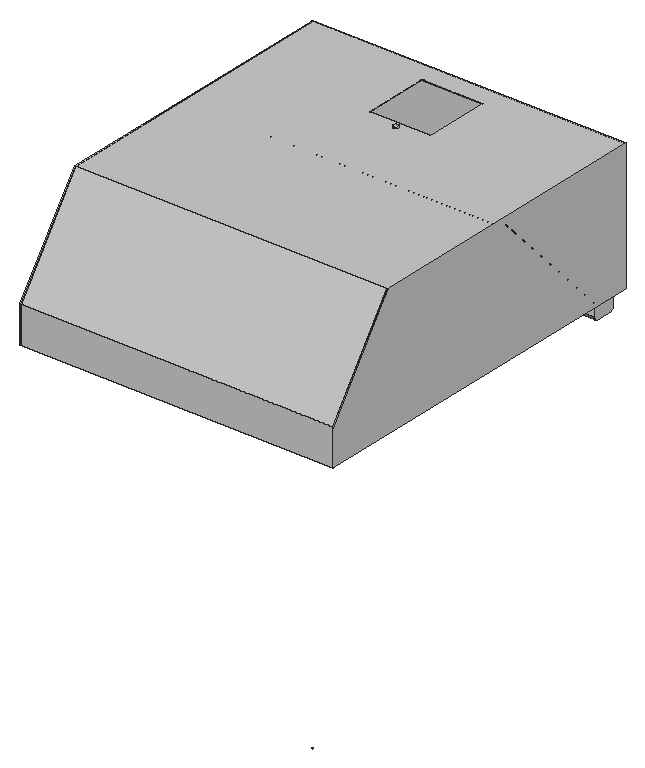
Revit family "QF_ELECTROLUXPROFESSIONAL_644241_ABPV1412DT", category Attrezzature speciali, Revit 2021
Family settings
  Quota connettore circolare = Usa diametro
  Tipo di parte = Normale
  Basato su piano di lavoro = No
  Sempre verticale = Sì
  Taglio con vuoti quando caricato = No
  Condiviso = No
  Punto di calcolo locali = No
Parameters (values of type "Standard")
  Weight = 48.00 kg
  Watts = 300 W
  Volts = 220 V
  URL Manufacturer = "https://www.electroluxprofessional.com/"
  URL = "https://www.electroluxprofessional.com/"
  Steam Supply Size = 0 mm
  Steam Supply Minimum Pressure = 0.0 Pa
  Steam Supply Maximum Pressure = 0.0 Pa
  Steam Consumption per Hour = 0
  Refrigeration Suction Line Size = 0 mm
  Refrigeration Liquid Line Size = 0 mm
  Refrigerant Compressor Remote = yes
  Prospetto di default = 0 mm
  Produttore = "Electrolux Professional"
  Phase = 1
  Modello = "ABPV1412DT"
  Length Actual = 1200 mm  # constant formula
  Item Number = "644241"
  Hot Water Size = 0 mm
  Height Actual = 500 mm  # constant formula
  HP = "0.4 HP"
  Gas Size = 0 mm
  Gas KW = 0
  Gas Input Pressure = 0 W
  Direct Waste Size = 0 mm
  Descrizione = "304 S/S WALL HOOD+FILTER+FAN 1200X1400MM"
  Depth Actual = 1400 mm  # constant formula
  Cycle = 50 Hz
  Condensate Return Size = 0 mm
  Compressed Air Volume = 0.0 L/s
  Compressed Air Size = 0 mm
  Compressed Air Pressure = 0.0 Pa
  Cold Water Size = 0 mm
  Accessory = yes
Reference planes
  plane 1: z = 0
  plane 2 "Center (Left/Right)": x = 150
  plane 3 "LEFT": x = -450
  plane 4 "RIGHT": x = 750
  plane 5 "BACK": y = 550
  plane 6 "TOP": z = 2500
  plane 7 "Base": z = 2000
  plane 8: z = 1926
  plane 9 "DrainY": y = 485
  plane 10: x = -447
  plane 11: through (0, 414.509, 2000.8) normal (0, 0.7314, 0.682)
  plane 12: y = 470
  plane 13: y = 220
  plane 14 "DrainX": x = 630
  plane 15: x = 33.5
  plane 16: x = 266.5
  plane 17: x = 747
  plane 18: x = 540
  plane 19: x = 720
  plane 20: x = -410
  plane 21: x = 710
  plane 22: x = -47.5
  plane 23: x = 347.5
  plane 24: z = 2140.01
  plane 25: y = 200
  plane 26 "Center (Front/Back)": y = -150
  plane 27 "Front": y = -850
  plane 28: y = -590
Forms (mm)
  Extrusion 1, solid, material "QF_Finishes_Stainless Steel"
    sketch origin (-450, 0, 360) x (0, 1, 0) y (0, 0, 1)
      loop
        line (550, 1640) -> (550, 2140) -> (-590, 2140) -> (-850, 1780.01) -> (-850, 1640) -> (550, 1640)
    from 0 to 3
  Extrusion 2, solid, material "QF_Finishes_Stainless Steel"
    sketch origin (150, 0, 360) x (0, 1, 0) y (0, 0, 1)
      loop
        line (415.255, 1640) -> (550, 1640) -> (550, 2139.19) -> (549.2, 2139.19) -> (549.2, 1640.8) -> (415.876, 1640.8) -> (339.347, 1722.867) -> (349.609, 1732.436) -> (348.927, 1733.167) -> (337.934, 1722.917) -> (415.255, 1640)
      loop
        line (-82.203, 2139.19) -> (-82.203, 2118.6) -> (-31.047, 2118.6) -> (34.354, 2048.466) -> (46.028, 2059.352) -> (45.346, 2060.083) -> (34.403, 2049.879) -> (-30.612, 2119.6) -> (-81.203, 2119.6) -> (-81.203, 2139.19) -> (-82.203, 2139.19)
    from -597 to 597
  Extrusion 3, solid, material "QF_Finishes_Stainless Steel"
    sketch origin (750, 0, 360) x (0, 1, 0) y (0, 0, 1)
      loop
        line (550, 1640) -> (550, 2140) -> (-590, 2140) -> (-850, 1780.01) -> (-850, 1640) -> (550, 1640)
    from 0 to -3
  Extrusion 4, solid, material "QF_Finishes_Stainless Steel"
    sketch origin (150, 0, 360) x (0, 1, 0) y (0, 0, 1)
      loop
        line (-850, 1780.01) -> (-850, 1640) -> (-849.2, 1640) -> (-849.2, 1779.751) -> (-589.598, 2139.19) -> (550, 2139.19) -> (550, 2140) -> (-590, 2140) -> (-850, 1780.01)
    from -600 to 600
  Extrusion 5, solid, material "QF_Finishes_Stainless Steel"
    sketch origin (150, 0, 360) x (0, 1, 0) y (0, 0, 1)
      loop
        line (534, 1640) -> (436, 1640) -> (436, 1627) -> (443.5, 1627) -> (443.5, 1576)
        arc (443.5, 1576) -> (446.429, 1568.929) -> (453.5, 1566) r 10
        line (453.5, 1566) -> (516.5, 1566)
        arc (516.5, 1566) -> (523.571, 1568.929) -> (526.5, 1576) r 10
        line (526.5, 1576) -> (526.5, 1627) -> (534, 1627) -> (534, 1640)
    from 390 to 570
  Extrusion 6, solid, material "QF_Finishes_Stainless Steel"
    sketch origin (0, 0, 2000) x (0, 1, 0) y (-1, 0, 0)
      loop
        circle (485, -630) r 20
    from -76 to -74
  Extrusion 7, solid, material "QF_Finished_Chrome"
    sketch origin (150, 0, 360) x (0, 1, 0) y (0, 0, 1)
      loop
        line (337.934, 1722.917) -> (341.591, 1726.327) -> (38.011, 2051.876) -> (34.354, 2048.466) -> (337.934, 1722.917)
    from -197.5 to -560
  Extrusion 8, solid, material "QF_Finishes_Stainless Steel"
    sketch origin (150, 0, 360) x (0, 1, 0) y (0, 0, 1)
      loop
        line (337.934, 1722.917) -> (341.591, 1726.327) -> (38.011, 2051.876) -> (34.354, 2048.466) -> (337.934, 1722.917)
    from 597 to 560
  Extrusion 9, solid, material "QF_Finished_Chrome"
    sketch origin (150, 0, 360) x (0, 1, 0) y (0, 0, 1)
      loop
        line (341.588, 1726.324) -> (38.009, 2051.874) -> (34.354, 2048.466) -> (337.934, 1722.917) -> (341.588, 1726.324)
    from 197.5 to 560
  Extrusion 10, void
    sketch origin (0, 0, 2500) x (0, 1, 0) y (-1, 0, 0)
      loop
        line (470, -266.5) -> (470, -33.5) -> (220, -33.5) -> (220, -266.5) -> (470, -266.5)
    from 0 to -10
  Extrusion 11, solid, material "QF_Finishes_Stainless Steel"
    sketch origin (0, 0, 0) x (1, 0, 0) y (0, 1, 0)
      loop
        line (-450, 550) -> (-450, 549) -> (-449, 549) -> (-449, 550) -> (-450, 550)
    from 0 to 1
  Extrusion 12, solid, material "QF_Finishes_Stainless Steel"
    sketch origin (150, 0, 360) x (0, 1, 0) y (0, 0, 1)
      loop
        line (337.934, 1722.917) -> (341.591, 1726.327) -> (38.011, 2051.876) -> (34.354, 2048.466) -> (337.934, 1722.917)
    from -560 to -597
  Extrusion 13, solid, material "QF_Finishes_Stainless Steel"
    sketch origin (150, 0, 360) x (0, 1, 0) y (0, 0, 1)
      loop
        line (337.934, 1722.917) -> (341.591, 1726.327) -> (38.011, 2051.876) -> (34.354, 2048.466) -> (337.934, 1722.917)
    from 197.5 to -197.5
  Extrusion 14, solid, material "QF_Finishes_Stainless Steel"
    sketch origin (0, 0, 2500) x (0, 1, 0) y (-1, 0, 0)
      loop
        circle (200, -150) r 10
    from 0 to 1.6
Cuts and joins
  Extrusion 10 cuts Extrusion 4
  joined: Extrusion 2, Extrusion 4
Lines and regions (mm)
  reference lines
    curve 1: line (150, 34.354, 2408.466) -> (150, 34.354, 2248.466)
  symbolic lines, style "SpecialityEquipment", detail levels coarse
    curve 2: line (750, 550, 2500) -> (-450, 550, 2500)
    curve 3: line (-450, 550, 2500) -> (-450, -850, 2500)
    curve 4: line (750, -850, 2500) -> (750, 550, 2500)
    curve 5: line (-450, -850, 2500) -> (750, -850, 2500)
    curve 6: line (266.5, 220, 2500) -> (33.5, 220, 2500)
    curve 7: line (266.5, 470, 2500) -> (266.5, 220, 2500)
    curve 8: line (33.5, 470, 2500) -> (266.5, 470, 2500)
    curve 9: line (33.5, 220, 2500) -> (33.5, 470, 2500)
    curve 10: line (-450.423, -590, 0) -> (750, -590, 0)
    curve 11: line (-450, 550, 0) -> (750, -590, 0)
    curve 12: line (-450.423, -590, 0) -> (750, 550, 0)
Dimensions and locks
  plane 3 "LEFT" to plane 4 "RIGHT" = 1200 mm
  equal spacing: plane 3 "LEFT", plane 2 "Center (Left/Right)", plane 4 "RIGHT"
  locked: plane 6 "TOP" to plane 7 "Base" at 500
  plane 7 "Base" to plane 8 = 74 mm
  plane 5 "BACK" to plane 9 "DrainY" = 65 mm  (x2)
  plane 3 "LEFT" to plane 10 = 3 mm
  plane 5 "BACK" to plane 12 = 80 mm
  plane 12 to plane 13 = 250 mm  (x2)
  plane 14 "DrainX" to plane 4 "RIGHT" = 120 mm
  plane 17 to plane 4 "RIGHT" = 3 mm
  locked: plane 18 to plane 14 "DrainX" at 90
  locked: plane 14 "DrainX" to plane 19 at 90
  plane 12 to plane 5 "BACK" = 80 mm
  locked: plane 3 "LEFT" to plane 20 at 40
  locked: plane 21 to plane 4 "RIGHT" at 40
  locked: plane 22 to plane 23 at 395
  equal spacing: plane 22, plane 2 "Center (Left/Right)", plane 23
  locked: plane 15 to plane 16 at 233
  equal spacing: plane 15, plane 2 "Center (Left/Right)", plane 16
  plane 7 "Base" to level = 2000 mm
  plane 24 to plane 7 "Base" = 140.01 mm
  plane 13 to plane 25 = 20 mm
  plane 5 "BACK" to plane 27 "Front" = 1400 mm  (x2)
  equal spacing: plane 5 "BACK", plane 26 "Center (Front/Back)", plane 27 "Front"
  plane 28 to plane 27 "Front" = 260 mm
  aligned and locked: level to plane 1
  aligned and locked: Extrusion 2 to Extrusion 1
  aligned and locked: Extrusion 2 to Extrusion 3
  aligned and locked: plane 4 "RIGHT" to Extrusion 4
  aligned and locked: Extrusion 4 to plane 3 "LEFT"
  aligned and locked: plane 17 to Extrusion 8
  aligned and locked: Extrusion 10 to plane 15
  aligned and locked: Extrusion 10 to plane 13
  aligned and locked: Extrusion 10 to plane 12
  aligned and locked: Extrusion 2 to Extrusion 4
  aligned and locked: plane 19 to Extrusion 5
  aligned and locked: Extrusion 5 to plane 18
  aligned and locked: Extrusion 8 to plane 21
  aligned and locked: Extrusion 9 to plane 21
  aligned and locked: Extrusion 7 to plane 20
  aligned and locked: Extrusion 12 to plane 10
  aligned and locked: plane 20 to Extrusion 12
  aligned and locked: Extrusion 3 to plane 17
  aligned and locked: Extrusion 10 to plane 16
  aligned and locked: plane 16 to curve 7
  aligned and locked: plane 23 to Extrusion 13
  aligned and locked: Extrusion 13 to plane 22
  aligned and locked: Extrusion 9 to plane 23
Automatic sketch dimensions
  curve 5 to plane 4 "RIGHT" = 0 mm
  curve 6 to plane 13 = 0 mm
  plane 12 to curve 8 = 0 mm
  curve 3 to plane 3 "LEFT" = 0 mm
  curve 3 to plane 5 "BACK" = 0 mm
  curve 6 to plane 15 = 0 mm
  Extrusion 2 sketch curve to plane 11 = 0 mm  (x3)
  Extrusion 2 sketch curve to plane 7 "Base" = 0 mm
  plane 11 to Extrusion 2 sketch curve = 0 mm
  Extrusion 2 sketch curve to plane 5 "BACK" = 0 mm
  Extrusion 2 sketch curve to Extrusion 2 sketch curve = 65.646 mm
  Extrusion 2 sketch curve to Extrusion 2 sketch curve = 0.682 mm  (x2)
  Extrusion 2 sketch curve to Extrusion 2 sketch curve = 10.261 mm
  plane 7 "Base" to Extrusion 2 sketch curve = 82.917 mm
  Extrusion 2 sketch curve to Extrusion 2 sketch curve = 10.942 mm
  Extrusion 2 sketch curve to Extrusion 2 sketch curve = 0.049 mm
  Extrusion 2 sketch curve to plane 6 "TOP" = 20.4 mm
  Extrusion 2 sketch curve to plane 6 "TOP" = 21.4 mm
  Extrusion 2 sketch curve to plane 6 "TOP" = 0.81 mm  (x2)
  Extrusion 2 sketch curve to Extrusion 2 sketch curve = 50.156 mm
  Extrusion 2 sketch curve to Extrusion 2 sketch curve = 1 mm
  plane 7 "Base" to Extrusion 2 sketch curve = 0.8 mm
  Extrusion 2 sketch curve to plane 5 "BACK" = 0.8 mm
  curve 1 to plane 11 = 0 mm
  Extrusion 5 sketch curve to plane 7 "Base" = 0 mm
  Extrusion 5 sketch curve to plane 8 = 0 mm
  Extrusion 5 sketch curve to plane 7 "Base" = 13 mm  (x2)
  plane 12 to Extrusion 5 sketch curve = 34 mm
  Extrusion 5 sketch curve to Extrusion 5 sketch curve = 7.5 mm  (x2)
  Extrusion 5 sketch curve to Extrusion 5 sketch curve = 10 mm
  plane 9 "DrainY" to Extrusion 5 sketch curve = 31.5 mm
  Extrusion 5 sketch curve to plane 5 "BACK" = 23.5 mm
  Extrusion 6 sketch curve to plane 9 "DrainY" = 0 mm
  Extrusion 6 sketch curve to plane 14 "DrainX" = 0 mm
  Extrusion 7 sketch curve to plane 11 = 0 mm  (x2)
  Extrusion 7 sketch curve to Extrusion 7 sketch curve = 3.657 mm
  plane 7 "Base" to Extrusion 7 sketch curve = 82.917 mm
  Extrusion 8 sketch curve to plane 11 = 0 mm  (x2)
  Extrusion 8 sketch curve to Extrusion 8 sketch curve = 3.657 mm
  plane 7 "Base" to Extrusion 8 sketch curve = 82.917 mm
  Extrusion 9 sketch curve to plane 11 = 0 mm  (x2)
  Extrusion 9 sketch curve to Extrusion 9 sketch curve = 3.655 mm
  plane 7 "Base" to Extrusion 9 sketch curve = 82.917 mm
  Extrusion 10 sketch curve to plane 13 = 0 mm
  plane 12 to Extrusion 10 sketch curve = 0 mm
  Extrusion 10 sketch curve to plane 16 = 0 mm
  Extrusion 10 sketch curve to plane 15 = 0 mm
  Extrusion 11 sketch curve to plane 3 "LEFT" = 0 mm
  Extrusion 11 sketch curve to plane 5 "BACK" = 0 mm
  plane 3 "LEFT" to Extrusion 11 sketch curve = 1 mm
  Extrusion 11 sketch curve to Extrusion 11 sketch curve = 1 mm
  Extrusion 12 sketch curve to plane 11 = 0 mm  (x2)
  Extrusion 12 sketch curve to Extrusion 12 sketch curve = 3.657 mm
  plane 7 "Base" to Extrusion 12 sketch curve = 82.917 mm
  Extrusion 13 sketch curve to plane 11 = 0 mm  (x2)
  Extrusion 13 sketch curve to Extrusion 13 sketch curve = 3.657 mm
  plane 7 "Base" to Extrusion 13 sketch curve = 82.917 mm
  Extrusion 4 sketch curve to plane 7 "Base" = 0 mm
  Extrusion 4 sketch curve to plane 6 "TOP" = 0 mm
  Extrusion 4 sketch curve to plane 5 "BACK" = 0 mm
  Extrusion 4 sketch curve to Extrusion 4 sketch curve = 0.8 mm
  plane 7 "Base" to Extrusion 4 sketch curve = 140.01 mm
  Extrusion 4 sketch curve to Extrusion 4 sketch curve = 0.81 mm
  Extrusion 4 sketch curve to Extrusion 4 sketch curve = 0.259 mm
  Extrusion 4 sketch curve to Extrusion 4 sketch curve = 0.402 mm
  Extrusion 3 sketch curve to plane 6 "TOP" = 0 mm
  Extrusion 3 sketch curve to plane 5 "BACK" = 0 mm
  Extrusion 3 sketch curve to plane 7 "Base" = 0 mm
  plane 7 "Base" to Extrusion 3 sketch curve = 140.01 mm
  Extrusion 1 sketch curve to plane 6 "TOP" = 0 mm
  Extrusion 1 sketch curve to plane 5 "BACK" = 0 mm
  Extrusion 1 sketch curve to plane 7 "Base" = 0 mm
  plane 7 "Base" to Extrusion 1 sketch curve = 140.01 mm
  curve 1 to curve 1 = 160 mm
  Extrusion 14 sketch curve to plane 2 "Center (Left/Right)" = 0 mm
  Extrusion 14 sketch curve to plane 25 = 0 mm
  Extrusion 1 sketch curve to Extrusion 1 sketch curve = 260 mm
  Extrusion 3 sketch curve to Extrusion 3 sketch curve = 260 mm
  Extrusion 4 sketch curve to Extrusion 4 sketch curve = 259.602 mm
  curve 5 to plane 25 = 1050 mm
  Extrusion 1 sketch curve to plane 25 = 790 mm
  Extrusion 2 sketch curve to plane 6 "TOP" = 91.534 mm
  Extrusion 3 sketch curve to plane 25 = 790 mm
  Extrusion 4 sketch curve to plane 25 = 789.598 mm
  plane 24 to curve 1 = 108.456 mm
  Extrusion 7 sketch curve to plane 6 "TOP" = 88.124 mm
  Extrusion 8 sketch curve to plane 6 "TOP" = 88.124 mm
  Extrusion 9 sketch curve to plane 6 "TOP" = 88.126 mm
  Extrusion 12 sketch curve to plane 6 "TOP" = 88.124 mm
  Extrusion 13 sketch curve to plane 6 "TOP" = 88.124 mm
  curve 11 to plane 3 "LEFT" = 0 mm
  curve 10 to plane 3 "LEFT" = 0.423 mm
  curve 12 to plane 4 "RIGHT" = 0 mm
  curve 10 to plane 4 "RIGHT" = 0 mm
  curve 12 to plane 5 "BACK" = 0 mm
  curve 11 to plane 5 "BACK" = 0 mm
  plane 27 "Front" to curve 11 = 260 mm
  radius of Extrusion 6 sketch curve = 20 mm
  radius of Extrusion 14 sketch curve = 10 mm
Connectors
  piping at (630, 485, 1924), diameter 20
    settings: on Extrusion 6, index 1, connector inside diameter 609.6 mm, connector length 0 mm, flow factor 0, pipe flow 0.0 L/s, pressure drop 0.0 Pa, fitting loss kfactor 0, connector angle 0.00°, fixture units 0, engagement length 0 mm, angle of deflection 0.00°, flow configuration 1, flow direction 2, fitting loss method 0, system type 16, joint type 0, gender type 0, connector reference index -1, connector utility 0, adjustable connector no, is connector primary yes, connector description "Drain"
  hvac at (150, 345, 2500)
    settings: on Extrusion 10, index 2, duct flow 0.0 L/s, flow factor 0, pres drop 0.0 Pa, loss coef 0, conn angle 0.00°, conn width 250 mm, conn height 233 mm, conn diameter 609.6 mm, duct sys type 3, conn prof type 1, flow config 0, flow direction 2, loss method 0, conn ref index -1, conn util no, is conn primary yes, conn desc "EXHAUST OUTLET"
  electrical at (150, 200, 2501.6), driven by "Volts"
    settings: on Extrusion 14, index 3, voltage 220 V, apparent load 0 VA, apparent load phase1 0 VA, apparent load phase2 0 VA, apparent load phase3 0 VA, power factor 1, load classification "Other", number of poles 1, system type 30, power factor state 1, is connector primary yes, connector utility no, sub classification motor no, connector description "Electrical Connection"
